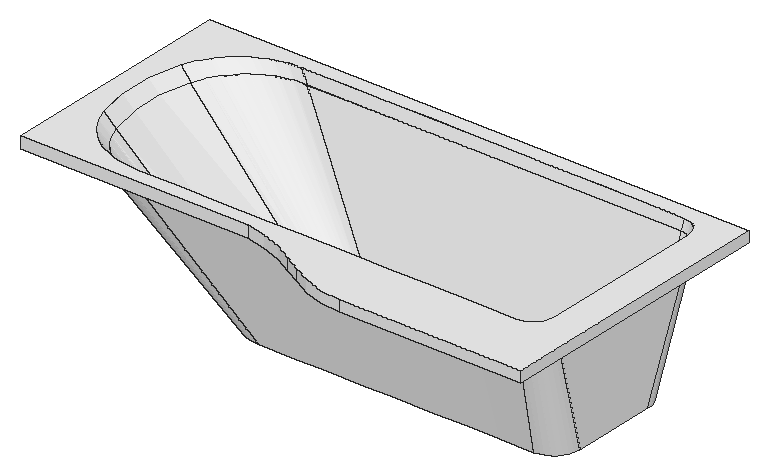
Revit family "NLRS_74_PF_UN_bad_S8B13A10000_SPHINX_BCB", category Plumbing Fixtures, Revit 2016
Family settings
  Part Type = Normal
  Round Connector Dimension = Use Radius
  OmniClass Number = 23.45.00.00
  OmniClass Title = Sanitary, Laundry, and Cleaning Equipment
  Work Plane-Based = No
  Always vertical = Yes
  Cut with Voids When Loaded = No
  Shared = No
  Room Calculation Point = No
Parameters
  NLRS_C_type = ""
  NLRS_C_serie = ""
  radius = 26 mm
  NLRS_C_revit_versie = "2016"
  NLRS_C_content_versie = "2.0"
  NLRS_C_content_provider = "BouwConnect"
  NLRS_C_content_datum_uitgifte = "APR-2018"
  NLRS_C_content_datum_gewijzigd = "APR-2018"
  NLRS_C_content_creator = "BouwConnect"
  NLRS_C_URL_product_data = "http://www.sphinx.nl/producten/baden/asymmetrische-baden/b100comfort-plus-family-%7C-bad-170x9075-links/36843/"
  NLRS_C_code_artikel = "S8B13A11000"
  WFU = 0
  URL = "http://www.sphinx.nl/"
  NLRS_S_gewicht = 0.00 kg
  NLRS_C_materiaal = NLRS_n6_acryl_wit_Sphinx
  NLRS_C_lengte = 1700 mm
  NLRS_C_hoogte = 440 mm
  NLRS_C_diameter_uit = 50 mm
  NLRS_C_breedte = 900 mm
  Model = ""
  Manufacturer = "Sphinx"
  Keynote = ""
  IfcTypeProduct = "IfcSanitaryTerminalType"
  IfcExportType = "BATH"
  IfcExportAs = "IfcSanitaryTerminalTypeEnum"
  IfcElement = "IfcFlowTerminal"
  NLRS_C_code_EAN = ""
  Description = "bad"
  NLRS_C_URL_BCB = "http://bcb-online.nl/?zoekterm=Sphinx+++%5bGeberit+B.V.%5d"
  Assembly Code = ""
Reference planes
  plane 1 "Center (Front/Back)": y = 0
  plane 2: z = 0
  plane 3 "Center (Left/Right)": x = 0
  plane 4: z = 440
  plane 5: z = -440
  plane 6: z = -35
Forms (mm)
  Extrusion 1, solid, not visible
    sketch origin (0, 0, 0) x (1, 0, 0) y (0, 1, 0)
      loop
        circle (0, 0) r 68.446
    from -440 to -430
  Extrusion 2, solid, material "NLRS_n6_acryl_wit_Sphinx" <- "NLRS_C_materiaal", detail levels medium+fine
    sketch origin (0, 0, 0) x (-1, 0, 0) y (0, -1, 0)
      loop
        line (-285, -375) -> (1415, -375) -> (1415, 375) -> (697.638, 375)
        arc (697.638, 375) -> (603.219, 397.622) -> (516.592, 441.467) r 416.94
        line (516.592, 441.467) -> (467.037, 468.936)
        arc (467.037, 468.936) -> (380.497, 510.665) -> (285.497, 525) r 321.951
        line (285.497, 525) -> (-285, 525) -> (-285, -375)
    from -35 to 0
  Blend 3, solid, material "NLRS_n6_acryl_wit_Sphinx" <- "NLRS_C_materiaal", detail levels medium+fine
    base sketch origin (0, 0, 0) x (-1, 0, 0) y (0, -1, 0)
      loop
        line (-160, 135) -> (-160, -135)
        arc (-160, -135) -> (-136.569, -191.569) -> (-80, -215) r 80
        line (-80, -215) -> (794, -215)
        arc (794, -215) -> (864.711, -185.711) -> (894, -115) r 100
        line (894, -115) -> (894, 115)
        arc (894, 115) -> (864.711, 185.711) -> (794, 215) r 100
        line (794, 215) -> (-80, 215)
        arc (-80, 215) -> (-136.569, 191.569) -> (-160, 135) r 80
    top sketch origin (0, 0, 0) x (-1, 0, 0) y (0, -1, 0)
      loop
        line (-188.563, 265.743) -> (-188.563, -263.601)
        arc (-188.563, -263.601) -> (-168.218, -312.94) -> (-119.01, -333.6) r 70
        arc (-119.01, -333.6) -> (487.406, -335.762) -> (1093.824, -334.507) r 107612.079
        arc (1093.824, -334.507) -> (1242.05, -286.086) -> (1334.339, -160.394) r 254.9
        arc (1334.339, -160.394) -> (1360.427, -0.01) -> (1334.345, 160.375) r 506.096
        arc (1334.345, 160.375) -> (1241.659, 286.362) -> (1092.843, 334.5) r 254.9
        line (1092.843, 334.5) -> (-118.491, 335.743)
        arc (-118.491, 335.743) -> (-168.035, 315.266) -> (-188.563, 265.743) r 70
    from -440 to -35
  Blend 4, void, detail levels medium+fine
    base sketch origin (0, 0, 0) x (-1, 0, 0) y (0, -1, 0)
      loop
        arc (794, -210) -> (861.175, -182.175) -> (889, -115) r 95
        line (889, -115) -> (889, 115)
        arc (889, 115) -> (861.175, 182.175) -> (794, 210) r 95
        line (794, 210) -> (-80, 210)
        arc (-80, 210) -> (-133.033, 188.033) -> (-155, 135) r 75
        line (-155, 135) -> (-155, -135)
        arc (-155, -135) -> (-133.033, -188.033) -> (-80, -210) r 75
        line (-80, -210) -> (794, -210)
    top sketch origin (0, 0, 0) x (-1, 0, 0) y (0, -1, 0)
      loop
        arc (-183.563, -264.694) -> (-164.991, -309.734) -> (-120.071, -328.593) r 63.9
        arc (-120.071, -328.593) -> (485.017, -330.76) -> (1090.108, -329.525) r 107607.079
        arc (1090.108, -329.525) -> (1239.924, -279.974) -> (1331.896, -151.752) r 255
        arc (1331.896, -151.752) -> (1355.427, -0.025) -> (1331.912, 151.704) r 501.096
        arc (1331.912, 151.704) -> (1239.548, 280.232) -> (1089.14, 329.504) r 255
        line (1089.14, 329.504) -> (-117.996, 330.743)
        arc (-117.996, 330.743) -> (-164.355, 311.582) -> (-183.563, 265.243) r 65.5
        line (-183.563, 265.243) -> (-183.563, -264.694)
    from -430 to 2
  Extrusion 5, solid, material "NLRS_n6_acryl_wit_Sphinx" <- "NLRS_C_materiaal", detail levels coarse
    sketch origin (0, 0, 0) x (-1, 0, 0) y (0, -1, 0)
      loop
        line (-285, -375) -> (1415, -375) -> (1415, 375) -> (718.483, 375)
        arc (718.483, 375) -> (639.113, 385.097) -> (564.799, 414.746) r 317
        line (564.799, 414.746) -> (438.728, 484.628)
        arc (438.728, 484.628) -> (363.242, 514.744) -> (282.62, 525) r 322
        line (282.62, 525) -> (-285, 525) -> (-285, -375)
    from -440 to 0
  Extrusion 6, void, detail levels coarse
    sketch origin (0, 0, 0) x (-1, 0, 0) y (0, -1, 0)
      loop
        line (-188.568, 265.743) -> (-188.568, -264.508)
        arc (-188.568, -264.508) -> (-168.065, -314.006) -> (-118.568, -334.508) r 70
        line (-118.568, -334.508) -> (1092.526, -334.508)
        arc (1092.526, -334.508) -> (1241.405, -286.535) -> (1334.267, -160.665) r 255
        arc (1334.267, -160.665) -> (1360.516, -0.008) -> (1334.272, 160.649) r 504.822
        arc (1334.272, 160.649) -> (1241.517, 286.448) -> (1092.79, 334.501) r 255
        line (1092.79, 334.501) -> (-118.496, 335.743)
        arc (-118.496, 335.743) -> (-168.04, 315.266) -> (-188.568, 265.743) r 70
    from -400 to 10
Cuts and joins
  Blend 4 cuts Extrusion 2
  Blend 4 cuts Blend 3
  Blend 4, Extrusion 6 cuts Extrusion 5
Dimensions and locks
  aligned and locked: level to plane 2
Connectors
  piping at (0, 0, -440), diameter 52, driven by "radius", driven by "WFU"
    settings: on Extrusion 1, index 2, connector inside diameter 609.6 mm, connector length 0 mm, flow factor 0, pipe flow 0.0 L/s, pressure drop 0.0 Pa, fitting loss kfactor 0, connector angle 0.00°, fixture units 0, engagement length 0 mm, angle of deflection 0.00°, flow configuration 3, flow direction 2, fitting loss method 0, system type 16, joint type 0, gender type 0, connector reference index -1, connector utility 0, adjustable connector no, is connector primary yes, connector description ""
